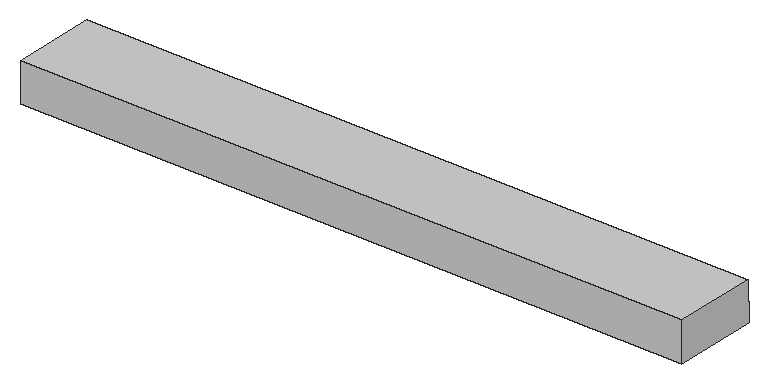
Revit family "Lum_Teto_Tubular_2_Sobrepor", category Lighting Fixtures, host Ceiling, Revit 2025
Family settings
  Host = Ceiling
  Round Connector Dimension = Use Diameter
  Part Type = Normal
  OmniClass Number = 23.80.70.11
  OmniClass Title = Luminaries for Internal Lighting
  Always vertical = Yes
  Cut with Voids When Loaded = No
  Light Source = Yes
  Maintain Annotation Orientation = No
  Shared = No
  Room Calculation Point = No
Parameters (values of type "Luminária_Tubular_2_Lâmpadas")
  Wattage = 9.2903 W
  built-in parameter 1150110 = 1 (stored number, unit not read)
  built-in parameter 1114217 = 1 (stored number, unit not read)
  built-in parameter 1150109 = 1 (stored number, unit not read)
  Lumi_Material = Material_Corpo_Luminaria
  Lumi_Largura_Interna = Lumi_Largura - 10 mm  # 140 mm
  Lumi_Largura = 150 mm
  Lumi_Comprimento = 1200 mm
  Lumi_Altura = 70 mm
  Emit from Line Length = Lumi_Comprimento - 200 mm  # 1000 mm
  Default Elevation = 0 mm
  built-in parameter 1150134 = (empty or 0)
  built-in parameter 1150113 = 1 (stored number, unit not read)
  Lumens = 1380 lm
  built-in parameter 1150115 = 1 (stored number, unit not read)
  built-in parameter 1150105 = 439.27 (stored number, unit not read)
  Light Source Symbol Size = Lumi_Largura - 20 mm  # 130 mm
  built-in parameter 1150137 = (empty or 0)
  built-in parameter 1150139 = (empty or 0)
  built-in parameter 1150112 = 1 (stored number, unit not read)
  built-in parameter 1150114 = 1 (stored number, unit not read)
  built-in parameter 1150132 = 2
  built-in parameter 1150102 = (empty or 0)
  built-in parameter 1150138 = (empty or 0)
  built-in parameter 1150107 = 3000 (stored number, unit not read)
  built-in parameter 1150106 = 4.3927 (stored number, unit not read)
  built-in parameter 1150104 = 13.8 (stored number, unit not read)
  Dimming Lamp Color Temperature Shift = <None>
  Color Filter = 16777215
  built-in parameter 1114218 = 1 (stored number, unit not read)
  built-in parameter 1150133 = 10 (stored number, unit not read)
Reference planes
  plane 1 "Eixo de origem da luz (F/T)": y = 0
  plane 2: z = 0
  plane 3 "Eixo de origem da luz (E/D)": x = 0
  plane 4 "Forro": z = 4000
  plane 5 "Elevação da origem da luz": z = 3930
  plane 6 "Tubo_E": x = -500
  plane 7 "Tubo_D": x = 500
  plane 8: y = 43.668
  plane 9: y = -43.668
Forms (mm)
  Extrusion 1, solid, material "Material_Corpo_Luminaria" <- "Lumi_Material"
    sketch origin (0, 0, 4000) x (0, 1, 0) y (-1, 0, 0)
      loop
        line (75, 600) -> (-75, 600) -> (-75, -600) -> (75, -600) -> (75, 600)
    from 0 to -70
  Extrusion 2, void
    sketch origin (500, 0, 0) x (0, 1, 0) y (0, 0, 1)
      loop
        line (-70, 3923.108) -> (70, 3923.108) -> (70, 3946.252)
        arc (70, 3946.252) -> (-0.033, 3972.222) -> (-70, 3946.072) r 107.045
        line (-70, 3946.072) -> (-70, 3923.108)
    from 0 to -1000
Cuts and joins
  Extrusion 2 cuts Extrusion 1
Dimensions and locks
  equal spacing: host sketch curve, plane 3 "Eixo de origem da luz (E/D)", host sketch curve
  equal spacing: host sketch curve, plane 1 "Eixo de origem da luz (F/T)", host sketch curve
  host sketch curve to host sketch curve = 4000 mm  (x2)
  plane 4 "Forro" to host ceiling = 0 mm
  equal spacing: Extrusion 1 sketch curve, plane 3 "Eixo de origem da luz (E/D)", Extrusion 1 sketch curve
  equal spacing: Extrusion 1 sketch curve, plane 1 "Eixo de origem da luz (F/T)", Extrusion 1 sketch curve
  "Lumi_Largura": Extrusion 1 sketch curve to Extrusion 1 sketch curve
  "Lumi_Comprimento": Extrusion 1 sketch curve to Extrusion 1 sketch curve
  "Lumi_Altura": plane 5 "Elevação da origem da luz" to plane 4 "Forro"
  equal spacing: plane 6 "Tubo_E", plane 3 "Eixo de origem da luz (E/D)", plane 7 "Tubo_D"
  "Emit from Line Length": plane 6 "Tubo_E" to plane 7 "Tubo_D"
  equal spacing: Extrusion 2 sketch curve, plane 1 "Eixo de origem da luz (F/T)", Extrusion 2 sketch curve
  "Lumi_Largura_Interna": Extrusion 2 to Extrusion 2
  equal spacing: plane 8, plane 1 "Eixo de origem da luz (F/T)", plane 9
  aligned and locked: plane 5 "Elevação da origem da luz" to Extrusion 1
  aligned and locked: imposter light to plane 1 "Eixo de origem da luz (F/T)"
  aligned and locked: Extrusion 2 to plane 6 "Tubo_E"
Automatic sketch dimensions
  plane 5 "Elevação da origem da luz" to Extrusion 2 sketch curve = 6.892 mm
  Extrusion 2 sketch curve to plane 1 "Eixo de origem da luz (F/T)" = 0.104 mm
  plane 5 "Elevação da origem da luz" to Extrusion 2 sketch curve = 64.822 mm
  plane 1 "Eixo de origem da luz (F/T)" to Extrusion 2 sketch curve = 70 mm
  Extrusion 2 sketch curve to plane 5 "Elevação da origem da luz" = 16.072 mm
